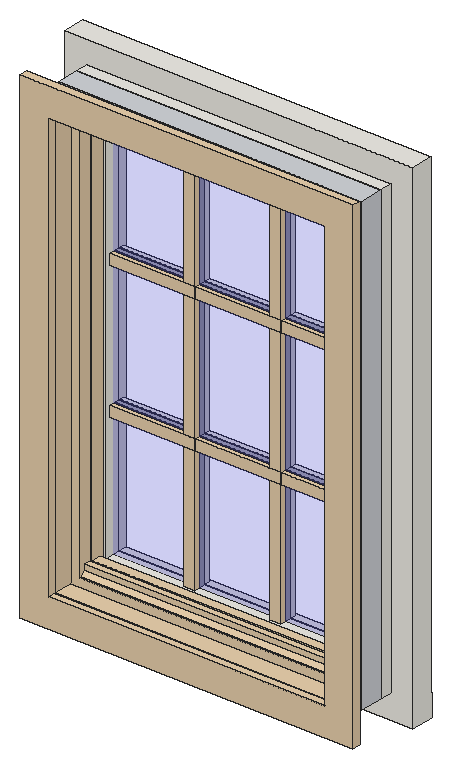
Revit family "Window-Casement-Andersen-400_Series 2", category Windows, host Wall, Revit 2013
Parameters
  Visual Light Transmittance = 0.48  # constant formula
  Thermal Resistance (R) = 0.62871  # 3.5700 (h·ft²·°F)/BTU
  TFL = if(Fractional Lights High > 5, 3, if(or(Fractional Lights High = 4, Fractional Lights High = 5), 2, if(or(Fractional Lights High = 2, Fractional Lights High = 3), 1, 1)))  # 2
  TFB = TFL - 1  # 1
  Solar Heat Gain Coefficient = 0.21  # constant formula
  Learn About These Parameters = "http://www.andersenwindows.com/for-professionals/cad-symbols-bim-support-window-doors/bim-support"
  LWide = if(Enter Pattern Number = 3, 3, if(Enter Pattern Number = 1, . . Lights Wide, Fractional Lights Wide))  # 3
  Heat Transfer Coefficient (U) = 1.5899  # 0.2800 BTU/(h·ft²·°F)
  Glazing Material = Glass ‐ Andersen - Low-E4 SmartSun
  Fractional Lights Wide = 3
  Fractional Lights High = 5
  Exterior Unit Finish = Vinyl - Andersen - White
  Enter Jamb Condition = 1
  ..Jamb Condition Number 1 = "Extension Jamb Only"  # constant formula
  ..Jamb Condition Number 2 = "Narrow Drywall Return"  # constant formula
  ..Jamb Condition Number 3 = "Wide Drywall Return"  # constant formula
  Available Grille Bar Sizes = "3/4'', 7/8'', 1 1/8'', 2 1/4''"  # constant formula
  Between Glass Grille Bar Sizes = "3/4'', 1''"  # constant formula
  Interior Casing = yes
  Grille Bar Size = 0' - 0 7/8"
  Enter Pattern Number = 1
  ..Pattern Number 1 = "Colonial"  # constant formula
  . . Lights Wide = 3
  . . Lights High = 3
  ..Pattern Number 2 = "Modified Colonial"  # constant formula
  ..Pattern Number 3 = "Prairie"  # constant formula
  ..Pattern Number 4 = "Short Fractional"  # constant formula
  ..Pattern Number 5 = "Tall Fractional"  # constant formula
  Extension Jamb = yes
  Enter Exterior Trim Number = 1
  ..Exterior Trim Number 0 = "No Exterior Trim"  # constant formula
  ..Exterior Trim Number 1 = "Brick Mould"  # constant formula
  ..Exterior Trim Number 2 = "3 1/2'' Flat Casing"  # constant formula
  ..Exterior Trim Number 3 = "4 1/2'' Flat Casing"  # constant formula
  Interior Grille Bar = yes
  Exterior Grille Bar = yes
  Between Glass Grille Bar = yes
  xjamb Visibility [instance] = and(and(Enter Jamb Condition = 1, Wall Depth > 0' 2 7/8"), Extension Jamb)  # yes
  xjamb S1 [instance] = if(Wall Depth > 0' 3", Wall Depth - 0' 2 27/32", 0' 3")  # 0' - 1 23/32"
  sill nose1 = 0' - 1 13/16"  # constant formula
  sill nose 2 = 0' - 1 15/16"  # constant formula
  casingS2 = if(Enter Exterior Trim Number = 1, 0' 0 3/16", 0' 0 3/16")  # 0' - 0 3/16"
  casingS1 = if(Enter Exterior Trim Number = 1, 0' 0 7/16", 0' 0 3/16")  # 0' - 0 7/16"
  casing4 = if(Enter Exterior Trim Number = 1, 0' 1 3/4", if(Enter Exterior Trim Number = 2, 0' 3 1/4", 0' 4 1/4"))  # 0' - 1 3/4"
  casing3 = 0' - 0 1/2"  # constant formula
  casing2 = 0' - 0 7/8"  # constant formula
  casing1 = 0' - 0 1/4"  # constant formula
  Xjamb 2 = if(or(Enter Jamb Condition = 2, Enter Jamb Condition = 3), 0' 0 1/32", 0' 0 1/2")  # 0' - 0 1/2"
  Xjamb 1 = if(or(Enter Jamb Condition = 2, Enter Jamb Condition = 3), 0' 0 5/8", 0' 1 3/32")  # 0' - 1 3/32"
  Wall Thickness [instance] = 0' - 6"
  Wall Depth [instance] = 0' - 4 9/16"
  Void Offset 2 = if(Enter Exterior Trim Number > 0, 0' 1 15/16", 0' 0")  # 0' - 1 15/16"
  Void Offset 1 = if(Enter Exterior Trim Number > 0, casing4, 0' 0")  # 0' - 1 3/4"
  Void Depth [instance] = if(Wall Thickness > Wall Depth, 0' 1" + Wall Thickness - Wall Depth, 0' 1")  # 0' - 2 7/16"
  VeriLock Sensor [instance] = no
  VGB DLO = if(Enter Pattern Number = 3, 0' 4", (H DLO - (Grille Bar Size * (V Bars))) / if(LWide > 2, LWide, 3))  # 0' - 5.91667"
  V Bars = if(Enter Pattern Number = 3, 2, if(LWide > 2, LWide - 1, 2))  # 2
  URL = "www.andersenwindows.com"
  Type Comments = "Vinyl-clad wood casement window"
  TS V DLO = Height - HGO - SGO  # 2' - 7 3/8"
  TS V Bar Length = if(or(Enter Pattern Number = 5, Enter Pattern Number = 2), ((((Height - HGO - SGO - (Grille Bar Size * (Fractional Lights High - 1))) / Fractional Lights High)) * TFL) + (TFB * Grille Bar Size), if(Enter Pattern Number = 4, ((Height - HGO - SGO - (Grille Bar Size * (Fractional Lights High - 1))) / Fractional Lights High), Height - HGO - SGO))  # 2' - 7 3/8"
  TS SH DLO = if(or(Enter Pattern Number = 5, Enter Pattern Number = 2), ((((Height - HGO - SGO - (Grille Bar Size * (Fractional Lights High - 1))) / Fractional Lights High)) * TFL) + (TFB * Grille Bar Size) + HGO + (Grille Bar Size / 2), if(Enter Pattern Number = 4, TS V Bar Length + HGO + (Grille Bar Size / 2), (TS V DLO / 2) + HGO))  # 1' - 6 1/16"
  TS S V = or(and(LWide = 2, Enter Pattern Number = 1), and(Fractional Lights Wide = 2, or(or(Enter Pattern Number = 2, Enter Pattern Number = 4), Enter Pattern Number = 5)))  # no
  TS S H Craftsman = and(Enter Pattern Number = 2, or(Fractional Lights High = 4, Fractional Lights High = 5))  # no
  TS S H = or(or(or(and(. . Lights High = 2, Enter Pattern Number = 1), and(Enter Pattern Number = 4, Fractional Lights High > 1)), and(Enter Pattern Number = 5, Fractional Lights High > 1)), and(Enter Pattern Number = 2, Fractional Lights High > 1))  # no
  TS M V = LWide > 2  # yes
  TS M H = or(or(Enter Pattern Number = 3, and(. . Lights High > 2, Enter Pattern Number = 1)), and(Enter Pattern Number = 2, Fractional Lights High > 5))  # yes
  TS HGB DLO = if(Enter Pattern Number = 1, if(. . Lights High > 2, ((TS V Bar Length - (Grille Bar Size * (. . Lights High - 1))) / . . Lights High), 0' 4"), if(Enter Pattern Number = 3, 0' 4", if(Fractional Lights High > 2, ((TS V Bar Length - (Grille Bar Size * 2)) / 3), 0' 4")))  # 0' - 9 7/8"
  TS H Bars = if(Enter Pattern Number = 3, 2, if(Enter Pattern Number = 1, if(. . Lights High > 2, . . Lights High - 1, 2), 2))  # 2
  Step Visibility = or(Enter Jamb Condition = 2, Enter Jamb Condition = 3)  # no
  Step Jamb2 = if(Enter Jamb Condition = 2, 0' 0 1/4", 0' 0 13/16")  # 0' - 0 13/16"
  Step Jamb1 = 0' - 1 1/8"  # constant formula
  Sill Stop Dim [instance] = 0' - 2 1/2"
  SGO = 0' - 2 1/4"  # constant formula
  Rough Width = Width + (Rough Opening Offset * 2)  # 2' - 0 1/2"
  Rough Opening Offset = 0' - 0 1/4"
  Rough Height = Height + (Rough Opening Offset * 2)  # 3' - 0 1/2"
  Push Out Stop Visibility [instance] = no
  Product Documentation Link = "http://www.andersenwindows.com/products/400-series-casement-window/"
  Plan Exterior Mask Visibility [instance] = Plan Exterior Mask 2 > 0' 0 1/32"  # no
  Plan Exterior Mask 2 [instance] = if(Enter Exterior Trim Number > 0, if(Wall Depth + 0' 1 1/16" + casingS1 > Wall Thickness, 0' 0 1/32", Wall Thickness - Wall Depth - 0' 1 1/16" - casingS1), if(Wall Depth + 0' 1 1/16" > Wall Thickness, 0' 0 1/32", Wall Thickness - Wall Depth - 0' 0 1/16"))  # 0' - 0 1/32"
  Plan Exterior Mask [instance] = if(Enter Exterior Trim Number > 0, 0' 1 1/16" + casingS1, 0' 1 1/16")  # 0' - 1 1/2"
  Nail Fin Visibility = Enter Exterior Trim Number = 0  # no
  Model = "400-Series Casement"  # constant formula
  Masonry Width = if(Enter Exterior Trim Number > 0, Width + ((casing4 + Masonry Opening Offset) * 2), Width + (Masonry Opening Offset * 2))  # 2' - 4"
  Masonry Opening Offset = 0' - 0 1/4"
  Masonry Height = if(Enter Exterior Trim Number > 0, Height + (casing4 + Masonry Opening Offset) + (sill nose 2 + Masonry Opening Offset), Height + (Masonry Opening Offset * 2))  # 3' - 4 3/16"
  Manufacturer = "Andersen Corporation"  # constant formula
  JGO = 0' - 2 1/4"  # constant formula
  Interior Trim Visibility = and(Enter Jamb Condition = 1, Interior Casing)  # yes
  Interior Material = Wood - Andersen - Pine
  Interior Casing Size = 0' - 2 1/4"
  Horizontal Craftsman Bar Size = 0' - 0 7/8"
  Height = 3' - 0"
  Head Stop Dim [instance] = 0' - 2 17/64"
  HGO = 0' - 2 3/8"  # constant formula
  H DLO = Width - (JGO * 2)  # 1' - 7 1/2"
  Family Version = "06.01.14"  # constant formula
  Exterior Trim Finish = Fibrex Composite - Andersen - White
  Designation = "CMT"
  Description = "Vinyl-clad wood casement window"  # constant formula
  Default Sill Height = 6' 10 1/2" - Rough Height  # 3' - 10"
  Wall Closure = By host
  Width = 2' - 0"
  Crank Out Stop Visibility [instance] = yes
  Coarse Plan [instance] = if(Wall Depth < Wall Thickness, Wall Depth, Wall Thickness)  # 0' - 4 9/16"
  Casing Visibility = Enter Exterior Trim Number > 0  # yes
  Between Glass Grille Bar Finish = Stainless Steel - Andersen - Standard
  Bar Center Line = if(Enter Pattern Number = 3, 1, 2)  # 2
  Assembly Code = "B2020100"
Reference planes (in)
  plane 1 "Center (Front/Back)": y = 0
  plane 2: z = 0
  plane 3 "Center (Left/Right)": x = 0
  plane 4 "R Frame": x = -12
  plane 5 "L Frame": x = 12
  plane 6 "B Frame": z = 46.25
  plane 7 "T Frame": z = 82.25
  plane 8 "L Glazing": x = 9.75
  plane 9 "L Ext Frame": x = 11.514
  plane 10 "L Stop": x = 10
  plane 11 "L Xjamb 1": x = 10.90625
  plane 12 "L Casing 1": x = 11.75
  plane 13 "L Xjamb 2": x = 11.5
  plane 14 "L Rough Opening": x = 12.25
  plane 15 "L Casing 2": x = 12.875
  plane 16 "L Casing 3": x = 13.25
  plane 17 "L Casing 4": x = 13.75
  plane 18 "R Glazing": x = -9.75
  plane 19 "R Ext Frame": x = -11.514
  plane 20 "R Stop": x = -10
  plane 21 "R Xjamb 1": x = -10.90625
  plane 22 "R Casing 1": x = -11.75
  plane 23 "R Xjamb 2": x = -11.5
  plane 24 "R Rough Opening": x = -12.25
  plane 25 "R Casing 2": x = -12.875
  plane 26 "R Casing 3": x = -13.25
  plane 27 "R Casing 4": x = -13.75
  plane 28 "R Int Casing": x = -13.15625
  plane 29 "T Glazing": z = 79.875
  plane 30 "T Ext Frame": z = 81.68689
  plane 31 "T Xjamb 1": z = 81.15625
  plane 32 "T Casing 1": z = 82
  plane 33 "T Xjamb 2": z = 81.75
  plane 34 "T Rough Opening": z = 82.5
  plane 35 "T Casing 2": z = 83.125
  plane 36 "T Casing 3": z = 83.5
  plane 37 "T Casing 4": z = 84
  plane 38 "T Int Casing": z = 83.40625
  plane 39 "B Glazing": z = 48.5
  plane 40 "B Ext Frame": z = 46.81311
  plane 41 "B Xjamb 2": z = 46.75
  plane 42 "B Casing 1": z = 46.5
  plane 43 "B Casing 2": z = 44.3125
  plane 44 "B Int Casing": z = 44.985
  plane 45 "L Int Casing": x = 13.15625
  plane 46 "Casing S1": y = 3.312
  plane 47 "Casing S2": y = 3.062
  plane 48 "Frame S1": y = 2.8745
  plane 49 "Flange": y = 1.5625
  plane 50 "Glass1 S1": y = 1.9105
  plane 51 "Glass1 S2": y = 1.8145
  plane 52 "Glass1 S3": y = 1.3805
  plane 53 "Glass1 S4": y = 1.2845
  plane 54 "Sash1 S2": y = 0.5625
  plane 55 "Frame S2": y = -1.2855
  plane 56 "B Xjamb 1": z = 47.235
  plane 57 "Exterior Offset": y = 4
  plane 58 "Interior Casing": y = -3.625
  plane 59 "Vertical Bar Length": z = 48.5
  plane 60 "B Rough Opening": z = 46
  plane 61 "R Masonry Opening": x = -14
  plane 62 "L Masonry Opening": x = 14
  plane 63 "T Masonry Opening": z = 84.25
  plane 64 "B Masonry Opening": z = 44.0625
  plane 65 "Xjamb S1": y = -1.28125
  plane 66 "Sash1 S1": y = 2.5625
  plane 67 "R Sash": x = -11.42
  plane 68 "L Sash": x = 11.42
  plane 69 "Stop S1": y = -1.4375
  plane 70 "B Sash": z = 46.99975
  plane 71 "T Sash": z = 81.5
  plane 72 "T Int Frame": z = 81.14
  plane 73 "B Int Frame": z = 47.235
  plane 74 "L Int Frame": x = 10.891
  plane 75 "R Int Frame": x = -10.891
  plane 76 "T Stop": z = 79.98437
  plane 77 "B Stop": z = 48.75
Forms (in)
  Extrusion 1, void
    sketch origin (0, 0, 0) x (1, 0, 0) y (0, 0, 1)
      loop
        line (12, 82.25) -> (-12, 82.25) -> (-12, 46.25) -> (12, 46.25) -> (12, 82.25)
    from -1.5625 to 3
  Extrusion 2, void
    sketch origin (0, 0, 0) x (1, 0, 0) y (0, 0, 1)
      loop
        line (13.75, 84) -> (-13.75, 84) -> (-13.75, 44.3125) -> (13.75, 44.3125) -> (13.75, 84)
    from -15 to -1.5625
  Extrusion 3, solid, material "Wood - Andersen - Pine" <- "Interior Material", visible <- "xjamb Visibility", detail levels medium+fine
    sketch origin (0, -2.5625, 0) x (-1, 0, 0) y (0, 0, 1)
      loop
        line (11.5, 81.75) -> (-11.5, 81.75) -> (-11.5, 46.75) -> (11.5, 46.75) -> (11.5, 81.75)
      loop
        line (10.90625, 81.15625) -> (-10.90625, 81.15625) -> (-10.90625, 47.235) -> (10.90625, 47.235) -> (10.90625, 81.15625)
    from 1.28125 to -0.4375
  Extrusion 4, solid, material "Wood - Andersen - Pine" <- "Interior Material", visible <- "Interior Trim Visibility", detail levels fine
    sketch origin (0, -3.625, 0) x (-1, 0, 0) y (0, 0, 1)
      loop
        line (13.15625, 83.40625) -> (-13.15625, 83.40625) -> (-13.15625, 44.985) -> (13.15625, 44.985) -> (13.15625, 83.40625)
      loop
        line (10.90625, 81.15625) -> (-10.90625, 81.15625) -> (-10.90625, 47.235) -> (10.90625, 47.235) -> (10.90625, 81.15625)
    from 0 to 0.625
  Extrusion 5, solid, material "Fibrex Composite - Andersen - White" <- "Exterior Trim Finish", visible <- "Casing Visibility", detail levels medium+fine
    sketch origin (0, 0, 0) x (0, 1, 0) y (0, 0, 1)
      loop
        line (2.31163, 46.25) -> (1.5625, 46.25) -> (1.5625, 44.3125) -> (3.375, 44.3125) -> (3.375, 46.0625) -> (2.31163, 46.25)
    from -13.75 to 13.75
  Sweep 6, solid, material "Fibrex Composite - Andersen - White" <- "Exterior Trim Finish", visible <- "Casing Visibility", detail levels medium+fine
    path origin (0, 1.5625, 0) x (-1, 0, 0) y (0, 0, 1)
      loop
        line (-13.75, 44.3125) -> (-13.75, 84) -> (13.75, 84) -> (13.75, 44.3125)
    profile origin (13.75, 1.5625, 64.15625) x (1, 0, 0) y (0, 1, 0)
      loop
        line (-0.875, 1.4995) -> (-2, 1.4995) -> (-2, 0) -> (0, 0) -> (0, 1.7495) -> (-0.5, 1.7495) -> (-0.875, 1.4995)
  Extrusion 7, solid, material "Fibrex Composite - Andersen - White" <- "Exterior Trim Finish", visible <- "Casing Visibility", detail levels coarse
    sketch origin (0, 1.5625, 0) x (-1, 0, 0) y (0, 0, 1)
      loop
        line (-13.75, 84) -> (-13.75, 44.3125) -> (13.75, 44.3125) -> (13.75, 84) -> (-13.75, 84)
      loop
        line (-11.75, 82) -> (-11.75, 46.25) -> (11.75, 46.25) -> (11.75, 82) -> (-11.75, 82)
    from 0 to 1.7495
  Extrusion 8, solid, material "Vinyl - Andersen - White" <- "Exterior Unit Finish"
    sketch origin (0, 0.5625, 0) x (-1, 0, 0) y (0, 0, 1)
      loop
        line (11.42, 81.5) -> (-11.42, 81.5) -> (-11.42, 46.99975) -> (11.42, 46.99975) -> (11.42, 81.5)
      loop
        line (9.75, 79.875) -> (-9.75, 79.875) -> (-9.75, 48.5) -> (9.75, 48.5) -> (9.75, 79.875)
    from 0 to 1.348
  Extrusion 9, solid, material "Vinyl - Andersen - White" <- "Exterior Unit Finish"
    sketch origin (0, 80.71747, 0) x (-1, 0, 0) y (0, 0, 1)
      loop
        line (-9.75, 79.875) -> (-9.75, 48.5) -> (9.75, 48.5) -> (9.75, 79.875) -> (-9.75, 79.875)
      loop
        line (-11.42, 46.99975) -> (11.42, 46.99975) -> (11.42, 81.5) -> (-11.42, 81.5) -> (-11.42, 46.99975)
    from -78.15497 to -78.80697
  Extrusion 10, solid, material "Glass ‐ Andersen - Low-E4 SmartSun" <- "Glazing Material"
    sketch origin (0, 1.2845, 0) x (-1, 0, 0) y (0, 0, 1)
      loop
        line (-9.75, 79.875) -> (-9.75, 48.5) -> (9.75, 48.5) -> (9.75, 79.875) -> (-9.75, 79.875)
    from 0 to 0.626
  Extrusion 11, solid, material "Vinyl - Andersen - White" <- "Exterior Unit Finish"
    sketch origin (0, 0, 0) x (1, 0, 0) y (0, 0, 1)
      loop
        line (12, 82.25) -> (-12, 82.25) -> (-12, 46.25) -> (12, 46.25) -> (12, 82.25)
      loop
        line (11.514, 81.68689) -> (-11.514, 81.68689) -> (-11.514, 46.81311) -> (11.514, 46.81311) -> (11.514, 81.68689)
    from -2.8745 to -0.5625
  Extrusion 12, solid
    sketch origin (0, 0, 0) x (1, 0, 0) y (0, 0, 1)
      loop
        line (12, 82.25) -> (-12, 82.25) -> (-12, 46.25) -> (12, 46.25) -> (12, 82.25)
      loop
        line (10.891, 81.14) -> (-10.891, 81.14) -> (-10.891, 47.235) -> (10.891, 47.235) -> (10.891, 81.14)
    from -0.5625 to 1.2855
  Extrusion 13, solid, material "Wood - Andersen - Pine" <- "Interior Material", detail levels medium+fine
    sketch origin (0, 0, 0) x (0, 1, 0) y (0, 0, 1)
      loop
        line (-0.4375, 48.75) -> (-0.4375, 48.673) -> (-1.00544, 48.673) -> (-1.00544, 48.26216) -> (-1.2885, 47.922) -> (-1.4375, 47.922) -> (-1.4375, 47.235) -> (0.5625, 47.235) -> (0.5625, 48.47) -> (0.2955, 48.75) -> (-0.4375, 48.75)
    from -10.891 to 10.891
  Extrusion 14, solid, material "Wood - Andersen - Pine" <- "Interior Material", detail levels medium+fine
    sketch origin (0, 0, 0) x (1, 0, 0) y (0, 1, 0)
      loop
        line (-10.891, -1.4375) -> (-10.188, -1.4375) -> (-10.188, -0.4375) -> (-10, -0.4375) -> (-10, 0.5625) -> (-10.891, 0.5625) -> (-10.891, -1.4375)
      loop
        line (10.891, -1.4375) -> (10.891, 0.5625) -> (10, 0.5625) -> (10, -0.4375) -> (10.188, -0.4375) -> (10.188, -1.4375) -> (10.891, -1.4375)
    from 47.235 to 81.14
  Sweep 15, solid, material "Wood - Andersen - Pine" <- "Interior Material", visible <- "Step Visibility", detail levels medium+fine
    path origin (0, 1.5625, 0) x (-1, 0, 0) y (0, 0, 1)
      loop
        line (12, 46.25) -> (12, 82.25) -> (-12, 82.25) -> (-12, 46.25) -> (12, 46.25)
    profile origin (-12, 1.5625, 64.25) x (1, 0, 0) y (0, 1, 0)
      loop
        line (0, -2.848) -> (0, -3.6605) -> (1.09375, -3.6605) -> (1.09375, -2.848) -> (0, -2.848)
  Extrusion 16, solid, material "Wood - Andersen - Pine" <- "Interior Material", detail levels medium+fine
    sketch origin (0, 0, 0) x (0, 1, 0) y (0, 0, 1)
      loop
        line (-1.4375, 81.14) -> (-1.4375, 80.345) -> (-0.4375, 80.345) -> (-0.4375, 79.98437) -> (0.5625, 79.98437) -> (0.5625, 81.14) -> (-1.4375, 81.14)
    from -10.891 to 10.891
Cuts and joins
  joined: Extrusion 5, Sweep 6
  joined: Extrusion 13, Extrusion 14, Extrusion 16
Lines and regions (in)
  Masking region 1, detail levels medium+fine
    outline origin (0, 0, 46.25) x (0, -1, 0) y (1, 0, 0)
      loop
        line (-2.8745, -12) -> (1.2855, -12) -> (1.2855, -10.891) -> (1.4375, -10.891) -> (1.4375, 10.891) -> (1.2855, 10.891) -> (1.2855, 12) -> (-2.8745, 12) -> (-2.8745, -12)
  Masking region 2, visible <- "Casing Visibility", detail levels medium+fine
    outline origin (0, 0, 46.25) x (0, -1, 0) y (1, 0, 0)
      loop
        line (-2.8745, -12) -> (-2.8745, 12) -> (-1.5625, 12) -> (-1.5625, 13.75) -> (-3.312, 13.75) -> (-3.312, -13.75) -> (-1.5625, -13.75) -> (-1.5625, -12) -> (-2.8745, -12)
  Masking region 3, visible <- "Nail Fin Visibility", detail levels coarse
    outline origin (0, 0, 46.25) x (0, -1, 0) y (1, 0, 0)
      loop
        line (-4, -12) -> (3, -12) -> (3, 12) -> (-4, 12) -> (-4, -12)
  Masking region 4
    outline origin (0, 0, 0) x (0, 1, 0) y (0, 0, 1)
      loop
        line (2.8745, 82.25) -> (-1.2855, 82.25) -> (-1.2855, 81.14) -> (-1.4375, 81.14) -> (-1.4375, 47.235) -> (-1.2855, 47.235) -> (-1.2855, 46.25) -> (2.8745, 46.25) -> (2.8745, 82.25)
  Masking region 5, visible <- "Casing Visibility"
    outline origin (0, 0, 0) x (0, 1, 0) y (0, 0, 1)
      loop
        line (2.8745, 46.15075) -> (2.8745, 46.25) -> (1.5625, 46.25) -> (1.5625, 44.3125) -> (3.375, 44.3125) -> (3.375, 46.0625) -> (2.8745, 46.15075)
  Masking region 6, visible <- "Casing Visibility"
    outline origin (0, 0, 0) x (0, 1, 0) y (0, 0, 1)
      loop
        line (2.8745, 82.25) -> (2.8745, 46.15075) -> (3.312, 46.07361) -> (3.312, 84) -> (1.5625, 84) -> (1.5625, 82.25) -> (2.8745, 82.25)
  Masking region 7, visible <- "Casing Visibility"
    outline origin (0, 2.8745, 0) x (-1, 0, 0) y (0, 0, 1)
      loop
        line (-13.75, 84) -> (-13.75, 44.3125) -> (13.75, 44.3125) -> (13.75, 84) -> (-13.75, 84)
  Masking region 8
    outline origin (0, 2.8745, 0) x (-1, 0, 0) y (0, 0, 1)
      loop
        line (-12, 82.25) -> (-12, 46.25) -> (12, 46.25) -> (12, 82.25) -> (-12, 82.25)
  Masking region 9
    outline origin (0, -1.2855, 0) x (-1, 0, 0) y (0, 0, 1)
      loop
        line (12, 82.25) -> (-12, 82.25) -> (-12, 46.25) -> (12, 46.25) -> (12, 82.25)
  Masking region 10, visible <- "Interior Trim Visibility", detail levels fine
    outline origin (0, -3.625, 0) x (-1, 0, 0) y (0, 0, 1)
      loop
        line (13.15625, 83.40625) -> (-13.15625, 83.40625) -> (-13.15625, 44.985) -> (13.15625, 44.985) -> (13.15625, 83.40625)
      loop
        line (10.90625, 81.15625) -> (-10.90625, 81.15625) -> (-10.90625, 47.235) -> (10.90625, 47.235) -> (10.90625, 81.15625)
  Masking region 11, visible <- "Casing Visibility", detail levels coarse
    outline origin (0, 0, 46.25) x (0, -1, 0) y (1, 0, 0)
      loop
        line (-4, -13.75) -> (-1.5625, -13.75) -> (-1.5625, -12) -> (3, -12) -> (3, 12) -> (-1.5625, 12) -> (-1.5625, 13.75) -> (-4, 13.75) -> (-4, -13.75)
  Masking region 12, visible <- "Step Visibility", detail levels medium+fine
    outline origin (0, 0, 0) x (0, 1, 0) y (0, 0, 1)
      loop
        line (-1.28125, 82.25) -> (-2.098, 82.25) -> (-2.098, 46.25) -> (-1.28125, 46.25) -> (-1.28125, 47.235) -> (-1.4375, 47.235) -> (-1.4375, 81.14) -> (-1.28125, 81.14) -> (-1.28125, 82.25)
  Masking region 13, visible <- "xjamb Visibility", detail levels medium+fine
    outline origin (0, 0, 0) x (0, 1, 0) y (0, 0, 1)
      loop
        line (-1.28125, 81.75) -> (-3, 81.75) -> (-3, 46.75) -> (-1.28125, 46.75) -> (-1.28125, 47.235) -> (-1.4375, 47.235) -> (-1.4375, 81.14) -> (-1.28125, 81.14) -> (-1.28125, 81.75)
  Masking region 14, visible <- "Interior Trim Visibility", detail levels fine
    outline origin (0, 0, 0) x (0, 1, 0) y (0, 0, 1)
      loop
        line (-3, 83.40625) -> (-3.625, 83.40625) -> (-3.625, 44.985) -> (-3, 44.985) -> (-3, 83.40625)
  Masking region 15, visible <- "Step Visibility", detail levels medium+fine
    outline origin (0, 0, 46.25) x (0, -1, 0) y (1, 0, 0)
      loop
        line (1.28125, -12) -> (2.098, -12) -> (2.098, 12) -> (1.28125, 12) -> (1.28125, 10.891) -> (1.4375, 10.891) -> (1.4375, -10.891) -> (1.28125, -10.891) -> (1.28125, -12)
  Masking region 16, visible <- "xjamb Visibility", detail levels medium+fine
    outline origin (0, 0, 46.25) x (0, -1, 0) y (1, 0, 0)
      loop
        line (1.28125, -11.5) -> (3, -11.5) -> (3, 11.5) -> (1.28125, 11.5) -> (1.28125, 10.891) -> (1.4375, 10.891) -> (1.4375, -10.891) -> (1.28125, -10.891) -> (1.28125, -11.5)
  Masking region 17, visible <- "Interior Trim Visibility", detail levels fine
    outline origin (0, 0, 46.25) x (0, -1, 0) y (1, 0, 0)
      loop
        line (3, -13.15625) -> (3.625, -13.15625) -> (3.625, 13.15625) -> (3, 13.15625) -> (3, -13.15625)
  symbolic lines, style "WindowsFrameMullionProjection", visible <- "Casing Visibility", detail levels fine
    curve 1: line (13.25, 3.312, 46.25) -> (12.875, 3.062, 46.25)
    curve 2: line (12.875, 3.062, 46.25) -> (11.75, 3.062, 46.25)
    curve 3: line (11.75, 3.062, 46.25) -> (11.75, 2.8745, 46.25)
    curve 4: line (-13.25, 3.312, 46.25) -> (-12.875, 3.062, 46.25)
    curve 5: line (-12.875, 3.062, 46.25) -> (-11.75, 3.062, 46.25)
    curve 6: line (-11.75, 3.062, 46.25) -> (-11.75, 2.8745, 46.25)
  symbolic lines, style "WindowsGlassProjection", detail levels medium+fine
    curve 7: line (-9.75, 1.9105, 46.25) -> (9.75, 1.9105, 46.25)
    curve 10: line (-9.75, 1.2845, 46.25) -> (9.75, 1.2845, 46.25)
  symbolic lines, style "WindowsGlassProjection", detail levels fine
    curve 8: line (-9.75, 1.8145, 46.25) -> (9.75, 1.8145, 46.25)
    curve 9: line (-9.75, 1.3805, 46.25) -> (9.75, 1.3805, 46.25)
    curve 27: line (0, 1.8145, 79.875) -> (0, 1.8145, 48.5)
    curve 28: line (0, 1.3805, 79.875) -> (0, 1.3805, 48.5)
    curve 70: line (-9.75, 1.8145, 0) -> (-10.375, 1.8145, 0)
    curve 71: line (-9.75, 1.3805, 0) -> (-10.375, 1.3805, 0)
    curve 72: line (-9.87475, 1.3805, 0) -> (-9.87475, 1.8145, 0)
    curve 89: line (9.75, 1.8145, 0) -> (10.375, 1.8145, 0)
    curve 90: line (9.75, 1.3805, 0) -> (10.375, 1.3805, 0)
    curve 91: line (9.87475, 1.3805, 0) -> (9.87475, 1.8145, 0)
    curve 108: line (0, 1.8145, 80.364) -> (0, 1.8145, 79.875)
    curve 109: line (0, 1.3805, 80.364) -> (0, 1.3805, 79.875)
    curve 110: line (0, 1.8145, 80.01044) -> (0, 1.3805, 80.01044)
    curve 193: line (0, 1.8145, 48.011) -> (0, 1.8145, 48.5)
    curve 194: line (0, 1.3805, 48.011) -> (0, 1.3805, 48.5)
    curve 195: line (0, 1.8145, 48.36456) -> (0, 1.3805, 48.36456)
  symbolic lines, style "WindowsFrameMullionProjection", detail levels medium
    curve 11: line (-11.42, 2.5625, 46.25) -> (-9.75, 2.5625, 46.25)
    curve 12: line (-9.75, 2.5625, 46.25) -> (-9.75, 0.5625, 46.25)
    curve 13: line (-9.75, 0.5625, 46.25) -> (-11.42, 0.5625, 46.25)
    curve 14: line (-11.42, 2.8745, 46.25) -> (-11.42, 0.5625, 46.25)
    curve 15: line (11.42, 2.5625, 46.25) -> (9.75, 2.5625, 46.25)
    curve 16: line (9.75, 2.5625, 46.25) -> (9.75, 0.5625, 46.25)
    curve 17: line (9.75, 0.5625, 46.25) -> (11.42, 0.5625, 46.25)
    curve 18: line (11.42, 2.8745, 46.25) -> (11.42, 0.5625, 46.25)
    curve 92: line (11.42, 0.5625, 0) -> (10, 0.5625, 0)
    curve 93: line (10, 0.5625, 0) -> (10, -1.4375, 0)
    curve 94: line (-11.42, 0.5625, 0) -> (-10, 0.5625, 0)
    curve 95: line (-10, 0.5625, 0) -> (-10, -1.4375, 0)
  symbolic lines, style "WindowsFrameMullionProjection", detail levels coarse
    curve 19: line (-10, -3, 46.25) -> (-10, 4, 46.25)
    curve 20: line (10, -3, 46.25) -> (10, 4, 46.25)
  symbolic lines, style "WindowsGlassProjection", detail levels coarse
    curve 21: line (-10, 0, 46.25) -> (10, 0, 46.25)
    curve 22: line (-10, 1, 46.25) -> (10, 1, 46.25)
  symbolic lines, style "WindowsFrameMullionProjection", visible <- "Casing Visibility"
    curve 23: line (0, 3.312, 83.5) -> (0, 3.062, 83.125)
    curve 24: line (0, 3.062, 83.125) -> (0, 3.062, 82)
    curve 25: line (0, 3.062, 82) -> (0, 2.8745, 82)
    curve 216: line (-13.75, 3.312, 46.25) -> (-13.75, 1.5625, 46.25)
    curve 218: line (13.75, 3.312, 46.25) -> (13.75, 1.5625, 46.25)
    curve 220: line (0, 3.312, 84) -> (0, 1.5625, 84)
    curve 222: line (0, 3.312, 44.3125) -> (0, 1.5625, 44.3125)
  symbolic lines, style "WindowsGlassProjection"
    curve 26: line (0, 1.9105, 79.875) -> (0, 1.9105, 48.5)
    curve 29: line (0, 1.2845, 79.875) -> (0, 1.2845, 48.5)
  symbolic lines, style "WindowsFrameMullionProjection", detail levels medium+fine
    curve 30: line (11.42, 2.8745, 81.5) -> (-11.42, 2.8745, 81.5)
    curve 31: line (11.42, 2.8745, 46.99975) -> (11.42, 2.8745, 81.5)
    curve 32: line (-11.42, 2.8745, 46.99975) -> (11.42, 2.8745, 46.99975)
    curve 33: line (-11.42, 2.8745, 81.5) -> (-11.42, 2.8745, 46.99975)
    curve 38: line (-10, -1.2855, 79.98437) -> (10, -1.2855, 79.98437)
    curve 39: line (-10, -1.2855, 48.5) -> (-10, -1.2855, 79.98437)
    curve 40: line (10, -1.2855, 48.5) -> (-10, -1.2855, 48.5)
    curve 41: line (10, -1.2855, 79.98437) -> (10, -1.2855, 48.5)
    curve 116: line (-10.891, -1.2855, 81.14) -> (10.891, -1.2855, 81.14)
    curve 117: line (-10.891, -1.2855, 47.235) -> (-10.891, -1.2855, 81.14)
    curve 118: line (10.891, -1.2855, 47.235) -> (-10.891, -1.2855, 47.235)
    curve 119: line (10.891, -1.2855, 81.14) -> (10.891, -1.2855, 47.235)
  symbolic lines, style "WindowsFrameMullionProjection"
    curve 34: line (9.75, 0, 79.875) -> (-9.75, 0, 79.875)
    curve 35: line (9.75, 0, 48.5) -> (9.75, 0, 79.875)
    curve 36: line (-9.75, 0, 79.875) -> (-9.75, 0, 48.5)
    curve 37: line (-9.75, 0, 48.5) -> (9.75, 0, 48.5)
    curve 96: line (0, 1.1115, 81.597) -> (0, 2.63553, 81.597)
    curve 97: line (0, 1.1115, 80.89) -> (0, 1.1115, 81.597)
    curve 98: line (0, -1.4375, 81.14) -> (0, -1.0925, 81.14)
    curve 99: line (0, 0.5625, 79.984) -> (0, -0.4375, 79.984)
    curve 100: line (0, 2.0625, 81.064) -> (0, 1.2185, 81.064)
    curve 101: line (0, 0.5625, 80.89) -> (0, 0.5625, 79.984)
    curve 102: line (0, 1.2845, 80.364) -> (0, 2.2815, 80.364)
    curve 103: line (0, 1.2845, 79.875) -> (0, 1.2845, 80.364)
    curve 104: line (0, 2.5625, 80.417) -> (0, 2.5625, 81.501)
    curve 105: line (0, 2.5625, 81.501) -> (0, 2.3755, 81.501)
    curve 106: line (0, 2.0625, 81.345) -> (0, 2.0625, 81.064)
    curve 107: line (0, 1.2845, 79.875) -> (0, 0.5625, 80.065)
    curve 111: line (0, 2.2815, 80.364) -> (0, 2.2815, 80.13145)
    curve 112: line (0, 2.2815, 80.13145) -> (0, 1.9105, 79.8812)
    curve 113: line (0, 1.9105, 79.8812) -> (0, 1.9105, 80.364)
    curve 171: line (0, 2.5625, 80.417) -> (0, 2.2815, 80.364)
    curve 172: line (0, 2.3755, 81.501) -> (0, 2.0625, 81.345)
    curve 173: line (0, 1.2185, 81.064) -> (0, 1.2185, 80.8018)
    curve 174: line (0, 1.2185, 80.8018) -> (0, 0.5625, 80.673)
    curve 175: line (0, 2.63553, 81.68689) -> (0, 2.8745, 81.68689)
    curve 176: line (0, 2.63553, 81.68689) -> (0, 2.63553, 81.597)
    curve 177: line (0, 1.1115, 80.89) -> (0, -1.0925, 80.89)
    curve 178: line (0, -1.0925, 81.14) -> (0, -1.0925, 80.89)
    curve 179: line (0, -0.4375, 80.345) -> (0, -0.4375, 79.984)
    curve 180: line (0, -0.4375, 80.345) -> (0, -1.4375, 80.345)
    curve 181: line (0, 1.1115, 46.778) -> (0, 2.63553, 46.778)
    curve 182: line (0, 1.1115, 47.485) -> (0, 1.1115, 46.778)
    curve 183: line (0, -1.4375, 47.235) -> (0, -1.0925, 47.235)
    curve 184: line (0, -1.00544, 48.673) -> (0, -1.00544, 48.26216)
    curve 185: line (0, 2.0625, 47.311) -> (0, 1.2185, 47.311)
    curve 186: line (0, 0.5625, 47.702) -> (0, 0.5625, 48.47)
    curve 187: line (0, 1.2845, 48.011) -> (0, 2.2815, 48.011)
    curve 188: line (0, 1.2845, 48.5) -> (0, 1.2845, 48.011)
    curve 189: line (0, 2.5625, 47.958) -> (0, 2.5625, 46.874)
    curve 190: line (0, 2.5625, 46.874) -> (0, 2.3755, 46.874)
    curve 191: line (0, 2.0625, 47.03) -> (0, 2.0625, 47.311)
    curve 192: line (0, 1.2845, 48.5) -> (0, 0.5625, 48.375)
    curve 196: line (0, 2.2815, 48.011) -> (0, 2.2815, 48.24355)
    curve 197: line (0, 2.2815, 48.24355) -> (0, 1.9105, 48.4938)
    curve 198: line (0, 1.9105, 48.4938) -> (0, 1.9105, 48.011)
    curve 199: line (0, 2.5625, 47.958) -> (0, 2.2815, 48.011)
    curve 200: line (0, 2.3755, 46.874) -> (0, 2.0625, 47.03)
    curve 201: line (0, 1.2185, 47.311) -> (0, 1.2185, 47.5732)
    curve 202: line (0, 1.2185, 47.5732) -> (0, 0.5625, 47.702)
    curve 203: line (0, 2.63553, 46.68811) -> (0, 2.8745, 46.68811)
    curve 204: line (0, 2.63553, 46.68811) -> (0, 2.63553, 46.778)
    curve 205: line (0, 1.1115, 47.485) -> (0, -1.0925, 47.485)
    curve 206: line (0, -1.0925, 47.235) -> (0, -1.0925, 47.485)
    curve 207: line (0, -1.2885, 47.922) -> (0, -1.00544, 48.26216)
    curve 208: line (0, -1.2885, 47.922) -> (0, -1.4375, 47.922)
    curve 209: line (0, -1.00544, 48.673) -> (0, -0.4375, 48.673)
    curve 210: line (0, -0.4375, 48.673) -> (0, -0.4375, 48.75)
    curve 211: line (0, 0.2955, 48.75) -> (0, -0.4375, 48.75)
    curve 212: line (0, 0.5625, 48.47) -> (0, 0.2955, 48.75)
    curve 213: line (0, 0.5625, 48.377) -> (0, -0.4845, 48.377)
    curve 214: line (0, -0.7345, 48.189) -> (0, -0.7345, 47.485)
    curve 215: line (0, -0.7345, 48.189) -> (0, -0.4845, 48.377)
    curve 217: line (-12, 1.5625, 46.25) -> (-12, -1.2855, 46.25)
    curve 219: line (12, 1.5625, 46.25) -> (12, -1.2855, 46.25)
    curve 221: line (0, 2.8745, 82.25) -> (0, -1.2855, 82.25)
    curve 223: line (0, 2.8745, 46.25) -> (0, -1.2855, 46.25)
  symbolic lines, style "WindowsFrameMullionProjection", visible <- "Casing Visibility", detail levels medium
    curve 42: line (-12, 2.8745, 46.25) -> (-12, 3.312, 46.25)
    curve 43: line (12, 3.312, 46.25) -> (12, 2.8745, 46.25)
  symbolic lines, style "WindowsFrameMullionProjection", visible <- "Nail Fin Visibility", detail levels medium+fine
    curve 44: line (-12, 1.5625, 0) -> (-13.5, 1.5625, 0)
    curve 76: line (12, 1.5625, 0) -> (13.5, 1.5625, 0)
  symbolic lines, style "WindowsFrameMullionProjection", detail levels fine
    curve 45: line (-10.891, -1.4375, 0) -> (-10.891, 1.0895, 0)
    curve 46: line (-10, 0.5625, 0) -> (-10, -0.505, 0)
    curve 47: line (-11.19253, 1.0895, 0) -> (-11.31813, 1.9375, 0)
    curve 48: line (-11.03384, 1.3805, 0) -> (-11.03384, 2.0625, 0)
    curve 49: line (-11.34196, 2.0625, 0) -> (-11.42, 2.3755, 0)
    curve 50: line (-11.42, 2.3755, 0) -> (-11.42, 2.5625, 0)
    curve 51: line (-11.42, 2.5625, 0) -> (-10.42814, 2.5625, 0)
    curve 52: line (-9.75, 1.9105, 0) -> (-10.375, 1.9105, 0)
    curve 53: line (-9.75, 1.2845, 0) -> (-10.375, 1.2845, 0)
    curve 54: line (-10, 0.5625, 0) -> (-9.75, 1.2845, 0)
    curve 66: line (-10.375, 2.3125, 0) -> (-10.375, 1.2845, 0)
    curve 67: line (-10.01883, 2.3125, 0) -> (-9.75, 1.9105, 0)
    curve 77: line (10.891, -1.4375, 0) -> (10.891, 1.0895, 0)
    curve 78: line (10, 0.5625, 0) -> (10, -0.505, 0)
    curve 79: line (11.19253, 1.0895, 0) -> (11.31813, 1.9375, 0)
    curve 80: line (11.03384, 1.3805, 0) -> (11.03384, 2.0625, 0)
    curve 81: line (11.34196, 2.0625, 0) -> (11.42, 2.3755, 0)
    curve 82: line (11.42, 2.3755, 0) -> (11.42, 2.5625, 0)
    curve 83: line (11.42, 2.5625, 0) -> (10.42814, 2.5625, 0)
    curve 84: line (9.75, 1.9105, 0) -> (10.375, 1.9105, 0)
    curve 85: line (9.75, 1.2845, 0) -> (10.375, 1.2845, 0)
    curve 86: line (10, 0.5625, 0) -> (9.75, 1.2845, 0)
    curve 87: line (10.375, 2.3125, 0) -> (10.375, 1.2845, 0)
    curve 88: line (10.01883, 2.3125, 0) -> (9.75, 1.9105, 0)
    curve 122: line (-10, -0.505, 0) -> (-10.36, -0.505, 0)
    curve 123: line (-10.36, -0.505, 0) -> (-10.36, -1.4375, 0)
    curve 126: line (10, -0.505, 0) -> (10.36, -0.505, 0)
    curve 127: line (10.36, -0.505, 0) -> (10.36, -1.4375, 0)
    curve 141: line (-11.45476, 1.9375, 0) -> (-11.514, 2.3375, 0)
    curve 142: line (-11.31813, 1.9375, 0) -> (-11.45476, 1.9375, 0)
    curve 143: line (-10.6, 0.5625, 0) -> (-10.775, 1.3805, 0)
    curve 144: line (-10.375, 2.3125, 0) -> (-10.01883, 2.3125, 0)
    curve 145: line (-11.34196, 2.0625, 0) -> (-11.03384, 2.0625, 0)
    curve 146: line (-11.03384, 1.3805, 0) -> (-10.775, 1.3805, 0)
    curve 147: line (-10.891, 0.5625, 0) -> (-10, 0.5625, 0)
    curve 148: line (-11.19253, 1.0895, 0) -> (-10.891, 1.0895, 0)
    curve 157: line (11.45476, 1.9375, 0) -> (11.514, 2.3375, 0)
    curve 158: line (11.31813, 1.9375, 0) -> (11.45476, 1.9375, 0)
    curve 159: line (10.6, 0.5625, 0) -> (10.775, 1.3805, 0)
    curve 160: line (10.375, 2.3125, 0) -> (10.01883, 2.3125, 0)
    curve 161: line (11.34196, 2.0625, 0) -> (11.03384, 2.0625, 0)
    curve 162: line (11.03384, 1.3805, 0) -> (10.775, 1.3805, 0)
    curve 163: line (10.891, 0.5625, 0) -> (10, 0.5625, 0)
    curve 164: line (11.19253, 1.0895, 0) -> (10.891, 1.0895, 0)
    curve 165: line (-11.514, 2.3375, 0) -> (-11.514, 2.8745, 0)
    curve 167: line (11.514, 2.3375, 0) -> (11.514, 2.8745, 0)
    curve 168: line (-10.42814, 2.5625, 0) -> (-10.375, 2.3125, 0)
    curve 170: line (10.42814, 2.5625, 0) -> (10.375, 2.3125, 0)
  symbolic lines, style "WindowsFrameMullionProjection", visible <- "Nail Fin Visibility", not visible, detail levels medium+fine
    curve 55: line (-35.18862, 120.69666, 0) -> (-36.68862, 120.69666, 0)
  symbolic lines, style "WindowsFrameMullionProjection", not visible, detail levels fine
    curve 56: line (-34.07962, 117.69666, 0) -> (-34.07962, 120.22366, 0)
    curve 57: line (-33.18862, 119.69666, 0) -> (-33.18862, 118.62916, 0)
    curve 58: line (-34.38115, 120.22366, 0) -> (-34.50674, 121.07166, 0)
    curve 59: line (-34.22246, 120.51466, 0) -> (-34.22246, 121.19666, 0)
    curve 60: line (-34.53058, 121.19666, 0) -> (-34.60862, 121.50966, 0)
    curve 61: line (-34.60862, 121.50966, 0) -> (-34.60862, 121.69666, 0)
    curve 62: line (-34.60862, 121.69666, 0) -> (-33.61676, 121.69666, 0)
    curve 63: line (-32.93862, 121.04466, 0) -> (-33.56362, 121.04466, 0)
    curve 64: line (-32.93862, 120.41866, 0) -> (-33.56362, 120.41866, 0)
    curve 65: line (-33.18862, 119.69666, 0) -> (-32.93862, 120.41866, 0)
    curve 68: line (-33.56362, 121.44666, 0) -> (-33.56362, 120.41866, 0)
    curve 69: line (-33.20744, 121.44666, 0) -> (-32.93862, 121.04466, 0)
    curve 124: line (-33.18862, 118.62916, 0) -> (-33.54862, 118.62916, 0)
    curve 125: line (-33.54862, 118.62916, 0) -> (-33.54862, 117.69666, 0)
    curve 149: line (-34.64338, 121.07166, 0) -> (-34.70262, 121.47166, 0)
    curve 150: line (-34.50674, 121.07166, 0) -> (-34.64338, 121.07166, 0)
    curve 151: line (-33.78862, 119.69666, 0) -> (-33.96362, 120.51466, 0)
    curve 152: line (-33.56362, 121.44666, 0) -> (-33.20744, 121.44666, 0)
    curve 153: line (-34.53058, 121.19666, 0) -> (-34.22246, 121.19666, 0)
    curve 154: line (-34.22246, 120.51466, 0) -> (-33.96362, 120.51466, 0)
    curve 155: line (-34.07962, 119.69666, 0) -> (-33.18862, 119.69666, 0)
    curve 156: line (-34.38115, 120.22366, 0) -> (-34.07962, 120.22366, 0)
    curve 166: line (-34.70262, 121.47166, 0) -> (-34.70262, 122.00866, 0)
    curve 169: line (-33.61676, 121.69666, 0) -> (-33.56362, 121.44666, 0)
  symbolic lines, style "WindowsGlassProjection", not visible, detail levels fine
    curve 73: line (-32.93862, 120.94866, 0) -> (-33.56362, 120.94866, 0)
    curve 74: line (-32.93862, 120.51466, 0) -> (-33.56362, 120.51466, 0)
    curve 75: line (-33.06337, 120.51466, 0) -> (-33.06337, 120.94866, 0)
    curve 237: line (0, 1.8145, 48.011) -> (0, 1.8145, 48.5)
    curve 238: line (0, 1.3805, 48.011) -> (0, 1.3805, 48.5)
    curve 239: line (0, 1.8145, 48.36456) -> (0, 1.3805, 48.36456)
    curve 272: line (0, 1.8145, 80.364) -> (0, 1.8145, 79.875)
    curve 273: line (0, 1.3805, 80.364) -> (0, 1.3805, 79.875)
    curve 274: line (0, 1.8145, 80.01044) -> (0, 1.3805, 80.01044)
  symbolic lines, style "WindowsFrameMullionProjection", visible <- "Nail Fin Visibility"
    curve 114: line (0, 1.5625, 83.875) -> (0, 1.5625, 82.25)
    curve 115: line (0, 1.5625, 46.25) -> (0, 1.5625, 44.625)
  symbolic lines, style "Elevation Swing"
    curve 120: line (11.42, 0, 81.5) -> (-11.42, 0, 64.3675)
    curve 121: line (-11.42, 0, 64.3675) -> (11.42, 0, 46.99975)
  symbolic lines, style "InvisibleLines", detail levels coarse
    curve 128: line (-12, -3, 0) -> (12, -3, 0)
  symbolic lines, style "WindowsFrameMullionProjection", visible <- "Step Visibility", detail levels medium+fine
    curve 129: line (0, -1.28125, 81.14) -> (0, -2.098, 81.14)
    curve 132: line (0, -1.28125, 47.235) -> (0, -2.098, 47.235)
    curve 135: line (-10.891, -1.28125, 46.25) -> (-10.891, -2.098, 46.25)
    curve 138: line (10.891, -1.28125, 46.25) -> (10.891, -2.098, 46.25)
  symbolic lines, style "WindowsFrameMullionProjection", visible <- "xjamb Visibility", detail levels medium+fine
    curve 130: line (0, -1.28125, 81.15625) -> (0, -3, 81.15625)
    curve 133: line (0, -1.28125, 47.235) -> (0, -3, 47.235)
    curve 136: line (-10.90625, -1.28125, 46.25) -> (-10.90625, -3, 46.25)
    curve 139: line (10.90625, -1.28125, 46.25) -> (10.90625, -3, 46.25)
  symbolic lines, style "WindowsFrameMullionProjection", visible <- "Interior Trim Visibility", detail levels fine
    curve 131: line (0, -3, 81.15625) -> (0, -3.625, 81.15625)
    curve 134: line (0, -3, 47.235) -> (0, -3.625, 47.235)
    curve 137: line (-10.90625, -3, 46.25) -> (-10.90625, -3.625, 46.25)
    curve 140: line (10.90625, -3, 46.25) -> (10.90625, -3.625, 46.25)
  symbolic lines, style "WindowsFrameMullionProjection", visible <- "Nail Fin Visibility", not visible
    curve 224: line (0, 1.5625, 46.25) -> (0, 1.5625, 44.625)
    curve 278: line (0, 1.5625, 83.875) -> (0, 1.5625, 82.25)
  symbolic lines, style "WindowsFrameMullionProjection", not visible
    curve 225: line (0, 1.1115, 46.778) -> (0, 2.63553, 46.778)
    curve 226: line (0, 1.1115, 47.485) -> (0, 1.1115, 46.778)
    curve 227: line (0, -1.4375, 47.235) -> (0, -1.0925, 47.235)
    curve 228: line (0, -1.00544, 48.673) -> (0, -1.00544, 48.26216)
    curve 229: line (0, 2.0625, 47.311) -> (0, 1.2185, 47.311)
    curve 230: line (0, 0.5625, 47.702) -> (0, 0.5625, 48.47)
    curve 231: line (0, 1.2845, 48.011) -> (0, 2.2815, 48.011)
    curve 232: line (0, 1.2845, 48.5) -> (0, 1.2845, 48.011)
    curve 233: line (0, 2.5625, 47.958) -> (0, 2.5625, 46.874)
    curve 234: line (0, 2.5625, 46.874) -> (0, 2.3755, 46.874)
    curve 235: line (0, 2.0625, 47.03) -> (0, 2.0625, 47.311)
    curve 236: line (0, 1.2845, 48.5) -> (0, 0.5625, 48.375)
    curve 240: line (0, 2.2815, 48.011) -> (0, 2.2815, 48.24355)
    curve 241: line (0, 2.2815, 48.24355) -> (0, 1.9105, 48.4938)
    curve 242: line (0, 1.9105, 48.4938) -> (0, 1.9105, 48.011)
    curve 243: line (0, 2.5625, 47.958) -> (0, 2.2815, 48.011)
    curve 244: line (0, 2.3755, 46.874) -> (0, 2.0625, 47.03)
    curve 245: line (0, 1.2185, 47.311) -> (0, 1.2185, 47.5732)
    curve 246: line (0, 1.2185, 47.5732) -> (0, 0.5625, 47.702)
    curve 247: line (0, 2.63553, 46.68811) -> (0, 2.8745, 46.68811)
    curve 248: line (0, 2.63553, 46.68811) -> (0, 2.63553, 46.778)
    curve 249: line (0, 1.1115, 47.485) -> (0, -1.0925, 47.485)
    curve 250: line (0, -1.0925, 47.235) -> (0, -1.0925, 47.485)
    curve 251: line (0, -1.2885, 47.922) -> (0, -1.00544, 48.26216)
    curve 252: line (0, -1.2885, 47.922) -> (0, -1.4375, 47.922)
    curve 253: line (0, -1.00544, 48.673) -> (0, -0.4375, 48.673)
    curve 254: line (0, -0.4375, 48.673) -> (0, -0.4375, 48.75)
    curve 255: line (0, 0.2955, 48.75) -> (0, -0.4375, 48.75)
    curve 256: line (0, 0.5625, 48.47) -> (0, 0.2955, 48.75)
    curve 257: line (0, 0.5625, 48.377) -> (0, -0.4845, 48.377)
    curve 258: line (0, -0.7345, 48.189) -> (0, -0.7345, 47.485)
    curve 259: line (0, -0.7345, 48.189) -> (0, -0.4845, 48.377)
    curve 260: line (0, 1.1115, 81.597) -> (0, 2.63553, 81.597)
    curve 261: line (0, 1.1115, 80.89) -> (0, 1.1115, 81.597)
    curve 262: line (0, -1.4375, 81.14) -> (0, -1.0925, 81.14)
    curve 263: line (0, 0.5625, 79.984) -> (0, -0.4375, 79.984)
    curve 264: line (0, 2.0625, 81.064) -> (0, 1.2185, 81.064)
    curve 265: line (0, 0.5625, 80.89) -> (0, 0.5625, 79.984)
    curve 266: line (0, 1.2845, 80.364) -> (0, 2.2815, 80.364)
    curve 267: line (0, 1.2845, 79.875) -> (0, 1.2845, 80.364)
    curve 268: line (0, 2.5625, 80.417) -> (0, 2.5625, 81.501)
    curve 269: line (0, 2.5625, 81.501) -> (0, 2.3755, 81.501)
    curve 270: line (0, 2.0625, 81.345) -> (0, 2.0625, 81.064)
    curve 271: line (0, 1.2845, 79.875) -> (0, 0.5625, 80.065)
    curve 275: line (0, 2.2815, 80.364) -> (0, 2.2815, 80.13145)
    curve 276: line (0, 2.2815, 80.13145) -> (0, 1.9105, 79.8812)
    curve 277: line (0, 1.9105, 79.8812) -> (0, 1.9105, 80.364)
    curve 279: line (0, 2.5625, 80.417) -> (0, 2.2815, 80.364)
    curve 280: line (0, 2.3755, 81.501) -> (0, 2.0625, 81.345)
    curve 281: line (0, 1.2185, 81.064) -> (0, 1.2185, 80.8018)
    curve 282: line (0, 1.2185, 80.8018) -> (0, 0.5625, 80.673)
    curve 283: line (0, 2.63553, 81.68689) -> (0, 2.8745, 81.68689)
    curve 284: line (0, 2.63553, 81.68689) -> (0, 2.63553, 81.597)
    curve 285: line (0, 1.1115, 80.89) -> (0, -1.0925, 80.89)
    curve 286: line (0, -1.0925, 81.14) -> (0, -1.0925, 80.89)
    curve 287: line (0, -0.4375, 80.345) -> (0, -0.4375, 79.984)
    curve 288: line (0, -0.4375, 80.345) -> (0, -1.4375, 80.345)
Text (in)
  text "EXTERIOR" at (-58.6888, 50.90694, 0), in view "Ref. Level"
  text "INTERIOR" at (-58.6888, -37.76638, 0), in view "Ref. Level"
  text "Exterior" at (0, 43.65631, 123.19604), in view "Left"
  text "Exterior" at (0, 18.29385, 125.04747), in view "Right"
Dimensions and locks (in)
  equal spacing: plane 4 "R Frame", plane 3 "Center (Left/Right)", plane 5 "L Frame"
  "Width": plane 4 "R Frame" to plane 5 "L Frame"
  "Height": plane 6 "B Frame" to plane 7 "T Frame"
  locked: plane 48 "Frame S1" to plane 49 "Flange" at 1.312
  locked: plane 50 "Glass1 S1" to plane 49 "Flange" at 0.348
  locked: plane 51 "Glass1 S2" to plane 49 "Flange" at 0.252
  locked: plane 49 "Flange" to plane 52 "Glass1 S3" at 0.182
  locked: plane 49 "Flange" to plane 53 "Glass1 S4" at 0.278
  locked: plane 49 "Flange" to plane 54 "Sash1 S2" at 1
  locked: plane 49 "Flange" to plane 55 "Frame S2" at 2.848
  "casingS2": plane 47 "Casing S2" to plane 48 "Frame S1"
  "casingS1": plane 46 "Casing S1" to plane 48 "Frame S1"
  "Xjamb 2": plane 33 "T Xjamb 2" to plane 7 "T Frame"
  "casing1": plane 32 "T Casing 1" to plane 7 "T Frame"
  "Xjamb 1": plane 31 "T Xjamb 1" to plane 7 "T Frame"
  plane 30 "T Ext Frame" to plane 7 "T Frame" = 0' - 0.56311"
  "HGO": plane 29 "T Glazing" to plane 7 "T Frame"
  "Rough Opening Offset": plane 7 "T Frame" to plane 34 "T Rough Opening"
  "casing4": plane 7 "T Frame" to plane 37 "T Casing 4"
  "Xjamb 2": plane 6 "B Frame" to plane 41 "B Xjamb 2"
  locked: plane 6 "B Frame" to plane 42 "B Casing 1" at 0.25
  locked: plane 6 "B Frame" to plane 56 "B Xjamb 1" at 0.985
  locked: plane 6 "B Frame" to plane 40 "B Ext Frame" at 0.56311
  "SGO": plane 6 "B Frame" to plane 39 "B Glazing"
  "sill nose 2": plane 43 "B Casing 2" to plane 6 "B Frame"
  "casing4": plane 5 "L Frame" to plane 17 "L Casing 4"
  "casing4": plane 27 "R Casing 4" to plane 4 "R Frame"
  "casing3": plane 36 "T Casing 3" to plane 37 "T Casing 4"
  "casing2": plane 35 "T Casing 2" to plane 37 "T Casing 4"
  "casing3": plane 27 "R Casing 4" to plane 26 "R Casing 3"
  "casing2": plane 27 "R Casing 4" to plane 25 "R Casing 2"
  "casing1": plane 4 "R Frame" to plane 22 "R Casing 1"
  "casing1": plane 12 "L Casing 1" to plane 5 "L Frame"
  "casing3": plane 16 "L Casing 3" to plane 17 "L Casing 4"
  "casing2": plane 15 "L Casing 2" to plane 17 "L Casing 4"
  locked: plane 57 "Exterior Offset" to host wall at 1
  "Void Offset 1": plane 7 "T Frame" to Extrusion 2 sketch curve
  "Void Offset 1": Extrusion 2 sketch curve to plane 4 "R Frame"
  "Void Offset 1": plane 5 "L Frame" to Extrusion 2 sketch curve
  "Void Offset 2": Extrusion 2 sketch curve to plane 6 "B Frame"
  "Interior Casing Size": plane 28 "R Int Casing" to plane 21 "R Xjamb 1"
  "Interior Casing Size": plane 11 "L Xjamb 1" to plane 45 "L Int Casing"
  "Interior Casing Size": plane 31 "T Xjamb 1" to plane 38 "T Int Casing"
  "Interior Casing Size": plane 44 "B Int Casing" to plane 56 "B Xjamb 1"
  "Xjamb 1": plane 4 "R Frame" to plane 21 "R Xjamb 1"
  locked: plane 4 "R Frame" to plane 20 "R Stop" at 2
  locked: plane 4 "R Frame" to plane 19 "R Ext Frame" at 0.486
  "JGO": plane 4 "R Frame" to plane 18 "R Glazing"
  locked: plane 10 "L Stop" to plane 5 "L Frame" at 2
  locked: plane 9 "L Ext Frame" to plane 5 "L Frame" at 0.486
  "JGO": plane 8 "L Glazing" to plane 5 "L Frame"
  "Xjamb 1": plane 11 "L Xjamb 1" to plane 5 "L Frame"
  "Wall Thickness": host wall to host wall
  locked: plane 1 "Center (Front/Back)" to curve 22 at 1
  "sill nose1": Masking region 5 sketch curve to plane 49 "Flange"
  locked: level to plane 7 "T Frame" at 82.25
  "TS SH DLO": nested 2 to plane 7 "T Frame"
  "VGB DLO": nested 3 to plane 8 "L Glazing"
  group 2 to group 1 = 0' - 6.79167"
  group 1 to group 2 = 0' - 0"  (x2)
  "VGB DLO": plane 18 "R Glazing" to nested 5
  group 3 to group 4 = 0' - 0"  (x2)
  group 3 to group 4 = 0' - 10 3/4"
  "TS HGB DLO": nested 6 to plane 29 "T Glazing"
  "TS HGB DLO": plane 59 "Vertical Bar Length" to nested 4
  "TS V Bar Length": plane 59 "Vertical Bar Length" to plane 29 "T Glazing"
  equal spacing: plane 59 "Vertical Bar Length", nested 7, plane 29 "T Glazing"
  "Rough Opening Offset": plane 60 "B Rough Opening" to plane 6 "B Frame"
  "Masonry Opening Offset": plane 61 "R Masonry Opening" to plane 27 "R Casing 4"
  "Masonry Opening Offset": plane 17 "L Casing 4" to plane 62 "L Masonry Opening"
  "Masonry Opening Offset": plane 37 "T Casing 4" to plane 63 "T Masonry Opening"
  "Masonry Opening Offset": plane 64 "B Masonry Opening" to plane 43 "B Casing 2"
  "sill nose1": Extrusion 5 sketch curve to plane 49 "Flange"
  "Void Depth": plane 57 "Exterior Offset" to Extrusion 2
  "Wall Depth": host wall to plane 49 "Flange"
  "Void Depth": plane 57 "Exterior Offset" to Masking region 11 sketch curve  (x2)
  locked: plane 58 "Interior Casing" to host wall at 0.625
  locked: Extrusion 2 to host wall at 12
  "Rough Opening Offset": plane 24 "R Rough Opening" to plane 4 "R Frame"
  "Rough Opening Offset": plane 5 "L Frame" to plane 14 "L Rough Opening"
  "Xjamb 2": plane 13 "L Xjamb 2" to plane 5 "L Frame"
  "Xjamb 2": plane 4 "R Frame" to plane 23 "R Xjamb 2"
  locked: plane 66 "Sash1 S1" to plane 49 "Flange" at 1
  locked: plane 4 "R Frame" to plane 67 "R Sash" at 0.58
  locked: plane 68 "L Sash" to plane 5 "L Frame" at 0.58
  locked: plane 49 "Flange" to plane 69 "Stop S1" at 3
  locked: plane 6 "B Frame" to plane 70 "B Sash" at 0.74975
  locked: plane 71 "T Sash" to plane 7 "T Frame" at 0.75
  locked: plane 72 "T Int Frame" to plane 7 "T Frame" at 1.11
  locked: plane 6 "B Frame" to plane 73 "B Int Frame" at 0.985
  locked: plane 74 "L Int Frame" to plane 5 "L Frame" at 1.109
  locked: plane 4 "R Frame" to plane 75 "R Int Frame" at 1.109
  locked: Extrusion 14 sketch curve to plane 20 "R Stop" at 0.188
  locked: Extrusion 14 sketch curve to plane 69 "Stop S1" at 1  (x2)
  locked: plane 10 "L Stop" to Extrusion 14 sketch curve at 0.188
  host wall to Extrusion 14 = 0' - 1 7/16"
  locked: plane 4 "R Frame" to Sweep 15 sketch curve at 1.09375
  "Step Jamb2": plane 55 "Frame S2" to Sweep 15 sketch curve
  "xjamb S1": host wall to plane 65 "Xjamb S1"
  "Head Stop Dim": plane 76 "T Stop" to plane 7 "T Frame"
  "Sill Stop Dim": plane 6 "B Frame" to plane 77 "B Stop"
  equal spacing: plane 73 "B Int Frame", curve 121, plane 71 "T Sash"
  locked: cut or joined group of Extrusion 13, Extrusion 14, Extrusion 16 to Extrusion 13 sketch curve at 1.515
  locked: plane 54 "Sash1 S2" to Extrusion 13 sketch curve at 0.267
  locked: plane 54 "Sash1 S2" to Extrusion 13 sketch curve at 1
  locked: Extrusion 13 sketch curve to Extrusion 13 sketch curve at 0.077
  locked: Extrusion 13 sketch curve to Extrusion 13 sketch curve at 0.56794
  locked: Extrusion 13 sketch curve to Extrusion 13 sketch curve at 0.41084
  locked: Extrusion 13 sketch curve to Extrusion 13 sketch curve at 0.28306
  locked: Extrusion 13 sketch curve to Extrusion 13 sketch curve at 0.751
  locked: plane 54 "Sash1 S2" to Extrusion 13 sketch curve at 2
  locked: Extrusion 16 sketch curve to plane 72 "T Int Frame" at 0.795
  locked: Extrusion 16 sketch curve to plane 72 "T Int Frame" at 1.15563
  locked: plane 54 "Sash1 S2" to Extrusion 16 sketch curve at 1
  locked: Masking region 5 sketch curve to plane 6 "B Frame" at 0.1875
  locked: Extrusion 5 sketch curve to plane 6 "B Frame" at 0.1875
  "Step Jamb2": plane 55 "Frame S2" to Masking region 15 sketch curve
  locked: plane 42 "B Casing 1" to Masking region 5 sketch curve (angle 10.00°)
  locked: plane 42 "B Casing 1" to Masking region 6 sketch curve (angle 10.00°)
  locked: plane 42 "B Casing 1" to Extrusion 5 sketch curve (angle 10.00°)
  aligned and locked: level to plane 2
  aligned and locked: plane 7 "T Frame" to Extrusion 1 sketch curve
  aligned and locked: plane 5 "L Frame" to Extrusion 1 sketch curve
  aligned and locked: Extrusion 1 sketch curve to plane 4 "R Frame"
  aligned and locked: Extrusion 1 sketch curve to plane 6 "B Frame"
  aligned and locked: host wall to Extrusion 1
  aligned and locked: plane 49 "Flange" to Extrusion 1
  aligned and locked: Masking region 1 sketch curve to plane 48 "Frame S1"
  aligned and locked: Masking region 1 sketch curve to plane 4 "R Frame"
  aligned and locked: plane 5 "L Frame" to Masking region 1 sketch curve
  aligned and locked: plane 49 "Flange" to Masking region 2 sketch curve  (x2)
  aligned and locked: plane 4 "R Frame" to Masking region 2 sketch curve
  aligned and locked: plane 48 "Frame S1" to Masking region 2 sketch curve
  aligned and locked: Masking region 2 sketch curve to plane 5 "L Frame"
  aligned and locked: plane 17 "L Casing 4" to Masking region 2 sketch curve
  aligned and locked: Masking region 2 sketch curve to plane 46 "Casing S1"
  aligned and locked: plane 47 "Casing S2" to curve 1
  aligned and locked: plane 12 "L Casing 1" to curve 3
  aligned and locked: plane 48 "Frame S1" to curve 3
  aligned and locked: Masking region 2 sketch curve to plane 27 "R Casing 4"
  aligned and locked: plane 18 "R Glazing" to curve 8
  aligned and locked: plane 8 "L Glazing" to curve 8
  aligned and locked: curve 7 to plane 50 "Glass1 S1"
  aligned and locked: curve 8 to plane 51 "Glass1 S2"
  aligned and locked: curve 9 to plane 52 "Glass1 S3"
  aligned and locked: curve 10 to plane 53 "Glass1 S4"
  aligned and locked: plane 18 "R Glazing" to curve 12
  aligned and locked: plane 48 "Frame S1" to curve 18
  aligned and locked: curve 17 to plane 54 "Sash1 S2"
  aligned and locked: plane 8 "L Glazing" to curve 16
  aligned and locked: Masking region 3 sketch curve to plane 4 "R Frame"
  aligned and locked: plane 5 "L Frame" to Masking region 3 sketch curve
  aligned and locked: Masking region 3 sketch curve to plane 57 "Exterior Offset"
  aligned and locked: plane 57 "Exterior Offset" to curve 19
  aligned and locked: plane 57 "Exterior Offset" to curve 20
  aligned and locked: host wall to curve 21
  aligned and locked: plane 7 "T Frame" to Masking region 4 sketch curve
  aligned and locked: Masking region 4 sketch curve to plane 6 "B Frame"
  aligned and locked: Masking region 4 sketch curve to plane 48 "Frame S1"
  aligned and locked: plane 48 "Frame S1" to Masking region 5 sketch curve
  aligned and locked: Masking region 5 sketch curve to plane 48 "Frame S1"
  aligned and locked: Masking region 5 sketch curve to plane 49 "Flange"
  aligned and locked: Masking region 5 sketch curve to plane 6 "B Frame"
  aligned and locked: plane 43 "B Casing 2" to Masking region 5 sketch curve
  aligned and locked: Masking region 6 sketch curve to plane 48 "Frame S1"
  aligned and locked: plane 46 "Casing S1" to Masking region 6 sketch curve
  aligned and locked: Masking region 6 sketch curve to plane 37 "T Casing 4"
  aligned and locked: Masking region 6 sketch curve to plane 49 "Flange"
  aligned and locked: plane 7 "T Frame" to Masking region 6 sketch curve
  aligned and locked: plane 47 "Casing S2" to curve 23
  aligned and locked: plane 32 "T Casing 1" to curve 25
  aligned and locked: plane 48 "Frame S1" to curve 25
  aligned and locked: plane 29 "T Glazing" to curve 26
  aligned and locked: plane 29 "T Glazing" to curve 27
  aligned and locked: plane 29 "T Glazing" to curve 28
  aligned and locked: plane 29 "T Glazing" to curve 29
  aligned and locked: plane 50 "Glass1 S1" to curve 26
  aligned and locked: plane 51 "Glass1 S2" to curve 27
  aligned and locked: plane 52 "Glass1 S3" to curve 28
  aligned and locked: plane 53 "Glass1 S4" to curve 29
